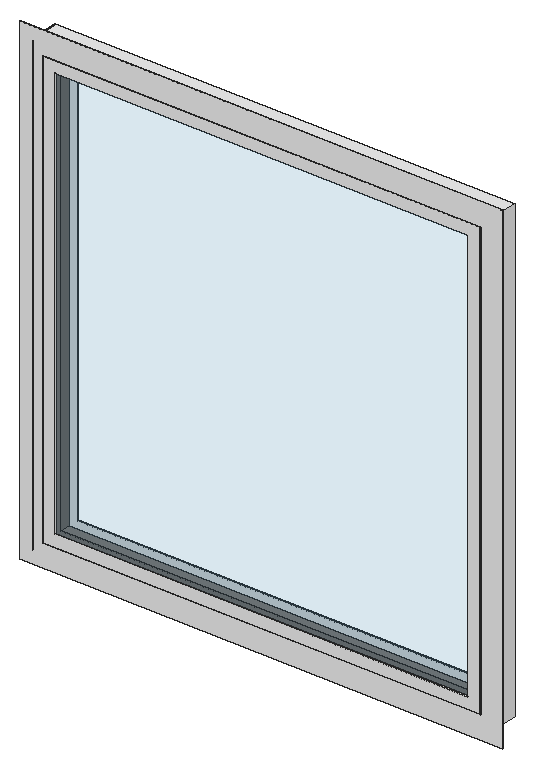
Revit family "Casement_38_D_Top_Hung_Standard", category Windows, host Wall, Revit 2014
Parameters (values of type "Casement_Sash_DG")
  Width Sash [instance] = 30 mm
  Width Sash Inner = 15 mm
  Width Bead = 15 mm
  Top Hung [instance] = yes
  Side Hung Right [instance] = yes
  Side Hung Left [instance] = yes
  Sash Opening Width [instance] = 600 mm
  Sash Opening Height [instance] = 600.312 mm
  Sash Lip = 15 mm
  Glazing Material [instance] = Glass
  DG Start Piece 2 [instance] = DG End Piece 1 + DG Gasket Thickness  # 25 mm
  DG Start Peice 1 [instance] = (Depth Sash - (2 * DG Glazing Thickness) - DG Gasket Thickness) / 2  # 6.6 mm
  Glazing Offset = 5 mm
  DG Glazing Thickness [instance] = 6.4 mm
  DG Gasket Thickness = 12 mm  # constant formula
  DG Gasket Material [instance] = Double Glazing Gasket Material
  DG End Piece 2 [instance] = DG Start Piece 2 + DG Glazing Thickness  # 31.4 mm
  DG End Piece 1 [instance] = DG Start Peice 1 + DG Glazing Thickness  # 13 mm
  Depth Sash [instance] = 38 mm
  Center Vertical Sash [instance] = Sash Opening Height / 2  # 300.156 mm
  Center Horizontal Sash [instance] = Sash Opening Width / 2  # 300 mm
  Bottom Hung [instance] = yes
  Bead Offset = 15 mm
  Aluminium Thickness = 1 mm
  Aluminium Material [instance] = White Powder Coated Aluminium
Reference planes
  plane 1 "Center (Front/Back)": y = 0
  plane 2: z = 0
  plane 3 "Center (Left/Right)": x = 0
Forms (mm)
  Sweep 1, solid, material "White Powder Coated Aluminium" <- "Aluminium Material"
    path origin (16.177, 0, 121.331) x (1, 0, 0) y (0, 0, 1)
      loop
        line (0, 0) -> (600, 0) -> (600, 600.312) -> (0, 600.312) -> (0, 0)
    profile origin (316.177, 0, 121.331) x (0, 0, 1) y (0, -1, 0)
      loop
        line (0, 0) -> (30, 0) -> (30, 1) -> (15, 1) -> (15, 38) -> (-15, 38) -> (-15, 37) -> (0, 37) -> (0, 0)
      loop
        line (14, 1) -> (14, 37) -> (1, 37) -> (1, 1) -> (14, 1)
  Sweep 2, solid, material "White Powder Coated Aluminium" <- "Aluminium Material"
    path origin (0, 0, 0) x (1, 0, 0) y (0, 0, 1)
      loop
        line (31.177, 706.643) -> (31.177, 136.331) -> (601.177, 136.331) -> (601.177, 706.643) -> (31.177, 706.643)
    profile origin (316.177, 0, 706.643) x (0, 0, 1) y (0, -1, 0)
      loop
        line (0, 37) -> (0, 38) -> (-15, 38) -> (-15, 37) -> (0, 37)
  Extrusion 3, solid, material "Glass" <- "Glazing Material"
    sketch origin (0, 0, 0) x (1, 0, 0) y (0, 0, 1)
      loop
        line (36.177, 701.643) -> (36.177, 141.331) -> (596.177, 141.331) -> (596.177, 701.643) -> (36.177, 701.643)
    from 6.6 <- "DG Start Peice 1" to 13 <- "DG End Piece 1"
  Extrusion 4, solid, material "Glass" <- "Glazing Material"
    sketch origin (0, 0, 0) x (1, 0, 0) y (0, 0, 1)
      loop
        line (36.177, 701.643) -> (36.177, 141.331) -> (596.177, 141.331) -> (596.177, 701.643) -> (36.177, 701.643)
    from 31.4 <- "DG End Piece 2" to 25 <- "DG Start Piece 2"
  Sweep 5, solid, material "Double Glazing Gasket Material" <- "DG Gasket Material"
    path origin (0, -13, 0) x (1, 0, 0) y (0, 0, 1)
      loop
        line (36.177, 701.643) -> (36.177, 141.331) -> (596.177, 141.331) -> (596.177, 701.643) -> (36.177, 701.643)
    profile origin (316.177, -13, 701.643) x (0, 0, 1) y (0, -1, 0)
      loop
        line (0, 0) -> (0, 12) -> (-7.96, 12) -> (-7.96, 0) -> (0, 0)
Lines and regions (mm)
  model lines
    curve 1: line (1.177, -38, 736.643) -> (31.177, -38, 706.643)
    curve 2: line (601.177, -38, 706.643) -> (631.177, -38, 736.643)
    curve 3: line (601.177, -38, 136.331) -> (631.177, -38, 106.331)
    curve 4: line (1.177, -38, 106.331) -> (31.177, -38, 136.331)
    curve 5: line (631.177, -37, 736.643) -> (616.177, -37, 721.643)
    curve 6: line (1.177, -37, 736.643) -> (16.177, -37, 721.643)
    curve 7: line (1.177, -37, 106.331) -> (16.177, -37, 121.331)
    curve 8: line (631.177, -37, 106.331) -> (616.177, -37, 121.331)
    curve 9: line (616.177, 0, 121.331) -> (586.177, 0, 151.331)
    curve 10: line (46.177, 0, 151.331) -> (16.177, 0, 121.331)
    curve 11: line (616.177, 0, 721.643) -> (586.177, 0, 691.643)
    curve 12: line (46.177, 0, 691.643) -> (16.177, 0, 721.643)
    curve 13: line (31.177, -38, 691.643) -> (46.177, -38, 691.643)
    curve 14: line (586.177, -38, 691.643) -> (601.177, -38, 691.643)
    curve 15: line (586.177, -38, 151.331) -> (601.177, -38, 151.331)
    curve 16: line (31.177, -38, 151.331) -> (46.177, -38, 151.331)
  model lines, style "GenericModelHiddenLines", visible <- "Top Hung"
    curve 17: line (46.386, -31.4, 690.914) -> (316.177, -31.4, 151.331)
    curve 18: line (316.177, -31.4, 151.331) -> (586.177, -31.4, 691.331)
  model lines, style "GenericModelHiddenLines", visible <- "Bottom Hung"
    curve 19: line (46.177, -31.4, 151.331) -> (316.177, -31.4, 691.331)
    curve 20: line (316.177, -31.4, 691.331) -> (586.177, -31.4, 151.331)
  model lines, style "GenericModelHiddenLines", visible <- "Side Hung Left"
    curve 21: line (46.386, -31.4, 690.914) -> (585.24, -31.4, 421.487)
    curve 22: line (585.24, -31.4, 421.487) -> (46.177, -31.4, 151.331)
  model lines, style "GenericModelHiddenLines", visible <- "Side Hung Right"
    curve 23: line (586.177, -31.4, 691.331) -> (46.177, -31.4, 421.487)
    curve 24: line (46.177, -31.4, 421.487) -> (586.177, -31.4, 151.331)
Dimensions and locks
  "Aluminium Thickness": Sweep 1 sketch curve to Sweep 1 sketch curve  (x4)
  "Depth Sash": Sweep 1 sketch curve to Sweep 1 sketch curve
  "Sash Opening Width": Sweep 1 to Sweep 1
  "Sash Opening Height": Sweep 1 to Sweep 1
  "Width Sash": Sweep 1 sketch curve to Sweep 1 sketch curve  (x2)
  "Width Sash Inner": Sweep 1 sketch curve to Sweep 1 sketch curve
  "Sash Lip": Sweep 1 sketch curve to Sweep 1 sketch curve
  "Aluminium Thickness": Sweep 1 to Sweep 2 sketch curve
  "Glazing Offset": Sweep 2 to Extrusion 3 sketch curve  (x3)
  "Glazing Offset": Extrusion 3 sketch curve to Sweep 2
  Sweep 1 to Sweep 1 = 1 mm
  "Aluminium Thickness": Sweep 2 sketch curve to Sweep 2 sketch curve
  "Width Bead": Sweep 2 sketch curve to Sweep 2 sketch curve
  locked: Sweep 5 sketch curve to Sweep 5 sketch curve at 7.96
  "Center Horizontal Sash": Sweep 1 to curve 18
  "Center Horizontal Sash": Sweep 1 to curve 20
  "Center Vertical Sash": Sweep 1 to curve 22
  "Center Vertical Sash": Sweep 1 to curve 24
  aligned and locked: level to plane 2
  aligned and locked: Sweep 1 sketch curve to Sweep 1 sketch curve  (x2)
  aligned and locked: Sweep 2 sketch curve to Sweep 1  (x5)
  aligned and locked: Extrusion 4 sketch curve to Extrusion 3  (x4)
  aligned and locked: Sweep 5 sketch curve to Extrusion 3  (x5)
  aligned and locked: Extrusion 3 to Sweep 5 sketch curve
Automatic sketch dimensions
  plane 3 "Center (Left/Right)" to Sweep 1 sketch curve = 16.177 mm
  level to Sweep 1 sketch curve = 121.331 mm
  plane 3 "Center (Left/Right)" to Sweep 1 sketch curve = 616.177 mm
  level to Sweep 1 sketch curve = 721.643 mm
  profile plane to Sweep 5 sketch curve = 12 mm
  curve 7 to Sweep 1 = 0 mm  (x4)
  curve 6 to Sweep 1 = 0 mm  (x3)
  Sweep 1 to curve 6 = 0 mm
  curve 5 to Sweep 1 = 0 mm  (x3)
  curve 8 to Sweep 1 = 0 mm  (x4)
  Sweep 1 to curve 5 = 0 mm
  curve 16 to Sweep 2 = 0 mm  (x3)
  curve 13 to Sweep 2 = 0 mm  (x3)
  curve 15 to Sweep 2 = 0 mm
  Sweep 2 to curve 15 = 0 mm  (x2)
  curve 14 to Sweep 2 = 0 mm  (x2)
  Sweep 2 to curve 14 = 0 mm
  curve 1 to Sweep 1 = 0 mm  (x4)
  curve 4 to Sweep 1 = 0 mm  (x3)
  Sweep 1 to curve 4 = 0 mm
  curve 3 to Sweep 1 = 0 mm  (x3)
  curve 2 to Sweep 1 = 0 mm  (x4)
  Sweep 1 to curve 3 = 0 mm
  curve 10 to Sweep 1 = 0 mm  (x4)
  curve 12 to Sweep 1 = 0 mm  (x3)
  Sweep 1 to curve 12 = 0 mm
  curve 9 to Sweep 1 = 0 mm  (x4)
  curve 11 to Sweep 1 = 0 mm  (x3)
  Sweep 1 to curve 11 = 0 mm
  Sweep 1 sketch curve to plane 1 "Center (Front/Back)" = 0 mm
  profile plane to Sweep 1 sketch curve = 0 mm
  curve 21 to Extrusion 4 = 10.208 mm
  curve 19 to Extrusion 4 = 10 mm
  curve 23 to Extrusion 4 = 10 mm  (x2)
  curve 22 to Extrusion 4 = 10.937 mm
  curve 20 to Extrusion 4 = 10 mm
  curve 24 to Extrusion 4 = 10 mm
  curve 22 to Extrusion 4 = 10 mm
  curve 18 to Extrusion 4 = 10 mm
  curve 21 to Extrusion 4 = 10.729 mm
  curve 19 to Extrusion 4 = 10.312 mm
  curve 18 to Extrusion 4 = 10.312 mm
Types in the file's own list only (12): name | Windload Design | Width Sash Opening | Width Sash | Width Profile | Width Panel 3 | Width Panel 1 | Width | URL | Offset Window Exterior | Max System DG Unit Thickness | Max System DG One Piece Thickness | Max Pane Area | Limit Fixed Pane Height Min | Limit Fixed Pane Height Max | Intruderprufe U Value | Intruderprufe SHGC Value | Intruderprufe LowE U Value | Intruderprufe LowE SHGC Value | Intruderprufe Insulated U Value | Intruderprufe Insulated SHGC Value | Intruderprufe Insulated LowE U Value | Intruderprufe Insulated LowE SHGC Value | Height | Energy Advantage U Value | Energy Advantage SHGC Value | DG Thickness Calc | Custom Window Width | Custom Window Height | Window Exterior Offset | Custom Windload | User Sash Width | Custom Sash Height | Sash Spacing Inner | Sash Overlap | Sash Center Offset | SG Gasket Thickness | Offset Sash Left | Offset Sash Top | Offset Panel 3 Bead Top | Offset Transom Top | Offset Bead SG Center Reversed | Model | Manufacturer | Limit Window Width Min | Limit Window Width Max | Limit Window Height Min | Limit Window Height Max | Limit Sash Width Min | Limit Sash Width Max | Limit Sash Height Min | Limit Sash Height Max | Length Transom | Height Sash Opening | Height Sash | Height Panel 3 | Height Panel 1 | Description | Frame Center Offset | Depth Bead | Default Sill Height | Wall Closure | DG Gasket Finish | DG Extrusion Start | Clearvue U Value | Clearvue SHGC Value | Clearvue Insulated U Value | Clearvue Insulated SHGC Value | Clearvue Insulated LowE U Value | Clearvue Insulated LowE SHGC Value | Casement Dimension | Bottom Hung | Bead SG Gap | Area Pane Top | Area Pane Bottom
  38-0609T-1000Pa | 1000 mm | 544 mm | 514 mm | 30 mm | 530 mm | 530 mm | 590 mm | "http://www.crealco.co.za/crealco-products.php" | 19 mm | 25 mm | 6 mm | 0.23 m² | 200 mm | 1800 mm | 6.16 | 0.519 | 4.87 | 0.451 | 4.32 | 0.434 | 3.91 | 0.397 | 890 mm | 5 | 0.48 | 4 mm | 590 mm | 890 mm | 0 mm | 1000 mm | 544 mm | 554 mm | 8 mm | 7 mm | 16 mm | 6 mm | 23 mm | 23 mm | 600 mm | 570 mm | 19 mm | "Casement 38" | "Crealco" | 346 mm | 1546 mm | 830 mm | 2430 mm | 300 mm | 1500 mm | 300 mm | 1200 mm | 530 mm | 554 mm | 524 mm | 260 mm | 540 mm | "Window 38mm, Type D top hung" | 19 mm | 24 mm | 800 mm | By host | Double Glazing Gasket Material | 9 mm | 6.22 | 0.534 | 4.42 | 0.466 | 4 | 0.425 | 38 mm | No | 13 mm | 0.23 m² | 0.13 m²
  38-0609T-1500Pa | 1500 mm | 544 mm | 514 mm | 30 mm | 530 mm | 530 mm | 590 mm |  | 19 mm | 25 mm | 6 mm | 0.23 m² | 200 mm | 1800 mm | 6.16 | 0.519 | 4.87 | 0.451 | 4.32 | 0.434 | 3.91 | 0.397 | 890 mm | 5 | 0.48 | 4 mm | 590 mm | 890 mm | 0 mm | 1500 mm | 544 mm | 554 mm | 8 mm | 7 mm | 16 mm | 6 mm | 23 mm | 23 mm | 600 mm | 570 mm | 19 mm | "Casement 38" | "Crealco" | 346 mm | 1546 mm | 830 mm | 2430 mm | 300 mm | 1500 mm | 300 mm | 1200 mm | 530 mm | 554 mm | 524 mm | 260 mm | 540 mm | "Window 38mm, Type D top hung" | 19 mm | 24 mm | 800 mm | By host | Double Glazing Gasket Material | 9 mm | 6.22 | 0.534 | 4.42 | 0.466 | 4 | 0.425 | 38 mm | No | 13 mm | 0.23 m² | 0.13 m²
  38-0609T-2000Pa | 2000 mm | 544 mm | 514 mm | 30 mm | 530 mm | 530 mm | 590 mm | "http://www.crealco.co.za/crealco-products.php" | 19 mm | 25 mm | 6 mm | 0.23 m² | 200 mm | 1800 mm | 6.16 | 0.519 | 4.87 | 0.451 | 4.32 | 0.434 | 3.91 | 0.397 | 890 mm | 5 | 0.48 | 4 mm | 590 mm | 890 mm | 0 mm | 2000 mm | 544 mm | 554 mm | 8 mm | 7 mm | 16 mm | 6 mm | 23 mm | 23 mm | 600 mm | 570 mm | 19 mm | "Casement 38" | "Crealco" | 346 mm | 1546 mm | 830 mm | 2430 mm | 300 mm | 1500 mm | 300 mm | 1200 mm | 530 mm | 554 mm | 524 mm | 260 mm | 540 mm | "Window 38mm, Type D top hung" | 19 mm | 24 mm | 800 mm | By host | Double Glazing Gasket Material | 9 mm | 6.22 | 0.534 | 4.42 | 0.466 | 4 | 0.425 | 38 mm | No | 13 mm | 0.23 m² | 0.13 m²
  38-0909T-1000Pa | 1000 mm | 844 mm | 814 mm | 30 mm | 830 mm | 830 mm | 890 mm | "http://www.crealco.co.za/crealco-products.php" | 19 mm | 25 mm | 6 mm | 0.37 m² | 200 mm | 1800 mm | 6.12 | 0.562 | 4.7 | 0.487 | 4.11 | 0.469 | 3.65 | 0.429 | 890 mm | 4.82 | 0.519 | 4 mm | 890 mm | 890 mm | 0 mm | 1000 mm | 844 mm | 554 mm | 8 mm | 7 mm | 16 mm | 6 mm | 23 mm | 23 mm | 600 mm | 570 mm | 19 mm | "Casement 38" | "Crealco" | 346 mm | 1546 mm | 830 mm | 2430 mm | 300 mm | 1500 mm | 300 mm | 1200 mm | 830 mm | 554 mm | 524 mm | 260 mm | 540 mm | "Window 38mm, Type D top hung" | 19 mm | 24 mm | 800 mm | By host | Double Glazing Gasket Material | 9 mm | 6.18 | 0.579 | 4.2 | 0.505 | 3.73 | 0.461 | 38 mm | No | 13 mm | 0.37 m² | 0.21 m²
  38-0909T-1500Pa | 1500 mm | 844 mm | 814 mm | 30 mm | 830 mm | 830 mm | 890 mm | "http://www.crealco.co.za/crealco-products.php" | 19 mm | 25 mm | 6 mm | 0.37 m² | 200 mm | 1800 mm | 6.12 | 0.562 | 4.7 | 0.487 | 4.11 | 0.469 | 3.65 | 0.429 | 890 mm | 4.82 | 0.519 | 4 mm | 890 mm | 890 mm | 0 mm | 1500 mm | 844 mm | 554 mm | 8 mm | 7 mm | 16 mm | 6 mm | 23 mm | 23 mm | 600 mm | 570 mm | 19 mm | "Casement 38" | "Crealco" | 346 mm | 1546 mm | 830 mm | 2430 mm | 300 mm | 1500 mm | 300 mm | 1200 mm | 830 mm | 554 mm | 524 mm | 260 mm | 540 mm | "Window 38mm, Type D top hung" | 19 mm | 24 mm | 800 mm | By host | Double Glazing Gasket Material | 9 mm | 6.18 | 0.579 | 4.2 | 0.505 | 3.73 | 0.461 | 38 mm | No | 13 mm | 0.37 m² | 0.21 m²
  38-0909T-2000Pa | 2000 mm | 844 mm | 814 mm | 30 mm | 830 mm | 830 mm | 890 mm | "http://www.crealco.co.za/crealco-products.php" | 19 mm | 25 mm | 6 mm | 0.37 m² | 200 mm | 1800 mm | 6.12 | 0.562 | 4.7 | 0.487 | 4.11 | 0.469 | 3.65 | 0.429 | 890 mm | 4.82 | 0.519 | 4 mm | 890 mm | 890 mm | 0 mm | 2000 mm | 844 mm | 554 mm | 8 mm | 7 mm | 16 mm | 6 mm | 23 mm | 23 mm | 600 mm | 570 mm | 19 mm | "Casement 38" | "Crealco" | 346 mm | 1546 mm | 830 mm | 2430 mm | 300 mm | 1500 mm | 300 mm | 1200 mm | 830 mm | 554 mm | 524 mm | 260 mm | 540 mm | "Window 38mm, Type D top hung" | 19 mm | 24 mm | 800 mm | By host | Double Glazing Gasket Material | 9 mm | 6.18 | 0.579 | 4.2 | 0.505 | 3.73 | 0.461 | 38 mm | No | 13 mm | 0.37 m² | 0.21 m²
  38-0612T-1000Pa | 1000 mm | 544 mm | 514 mm | 30 mm | 530 mm | 530 mm | 590 mm | "http://www.crealco.co.za/crealco-products.php" | 19 mm | 25 mm | 6 mm | 0.29 m² | 200 mm | 1800 mm | 6.09 | 0.56 | 4.68 | 0.489 | 4.08 | 0.472 | 3.61 | 0.431 | 1190 mm | 4.8 | 0.521 | 4 mm | 590 mm | 1190 mm | 0 mm | 1000 mm | 544 mm | 554 mm | 8 mm | 7 mm | 16 mm | 6 mm | 23 mm | 23 mm | 600 mm | 570 mm | 19 mm | "Casement 38" | "Crealco" | 346 mm | 1546 mm | 830 mm | 2430 mm | 300 mm | 1500 mm | 300 mm | 1200 mm | 530 mm | 554 mm | 524 mm | 560 mm | 540 mm | "Window 38mm, Type D top hung" | 19 mm | 24 mm | 800 mm | By host | Double Glazing Gasket Material | 9 mm | 6.17 | 0.581 | 4.17 | 0.508 | 3.7 | 0.463 | 38 mm | No | 13 mm | 0.23 m² | 0.29 m²
  38-0612T-1500Pa | 1500 mm | 544 mm | 514 mm | 30 mm | 530 mm | 530 mm | 590 mm | "http://www.crealco.co.za/crealco-products.php" | 19 mm | 25 mm | 6 mm | 0.29 m² | 200 mm | 1800 mm | 6.09 | 0.56 | 4.68 | 0.489 | 4.08 | 0.472 | 3.61 | 0.431 | 1190 mm | 4.8 | 0.521 | 4 mm | 590 mm | 1190 mm | 0 mm | 1500 mm | 544 mm | 554 mm | 8 mm | 7 mm | 16 mm | 6 mm | 23 mm | 23 mm | 600 mm | 570 mm | 19 mm | "Casement 38" | "Crealco" | 346 mm | 1546 mm | 830 mm | 2430 mm | 300 mm | 1500 mm | 300 mm | 1200 mm | 530 mm | 554 mm | 524 mm | 560 mm | 540 mm | "Window 38mm, Type D top hung" | 19 mm | 24 mm | 800 mm | By host | Double Glazing Gasket Material | 9 mm | 6.17 | 0.581 | 4.17 | 0.508 | 3.7 | 0.463 | 38 mm | No | 13 mm | 0.23 m² | 0.29 m²
  38-0612T-2000Pa | 2000 mm | 544 mm | 514 mm | 30 mm | 530 mm | 530 mm | 590 mm | "http://www.crealco.co.za/crealco-products.php" | 19 mm | 25 mm | 6 mm | 0.29 m² | 200 mm | 1800 mm | 6.09 | 0.56 | 4.68 | 0.489 | 4.08 | 0.472 | 3.61 | 0.431 | 1190 mm | 4.8 | 0.521 | 4 mm | 590 mm | 1190 mm | 0 mm | 2000 mm | 544 mm | 554 mm | 8 mm | 7 mm | 16 mm | 6 mm | 23 mm | 23 mm | 600 mm | 570 mm | 19 mm | "Casement 38" | "Crealco" | 346 mm | 1546 mm | 830 mm | 2430 mm | 300 mm | 1500 mm | 300 mm | 1200 mm | 530 mm | 554 mm | 524 mm | 560 mm | 540 mm | "Window 38mm, Type D top hung" | 19 mm | 24 mm | 800 mm | By host | Double Glazing Gasket Material | 9 mm | 6.17 | 0.581 | 4.17 | 0.508 | 3.7 | 0.463 | 38 mm | No | 13 mm | 0.23 m² | 0.29 m²
  38-0912T-1000Pa | 1000 mm | 844 mm | 814 mm | 30 mm | 830 mm | 830 mm | 890 mm | "http://www.crealco.co.za/crealco-products.php" | 19 mm | 25 mm | 6 mm | 0.45 m² | 200 mm | 1800 mm | 6.05 | 0.602 | 4.51 | 0.525 | 3.86 | 0.507 | 3.35 | 0.462 | 1190 mm | 4.63 | 0.56 | 4 mm | 890 mm | 1190 mm | 0 mm | 1000 mm | 844 mm | 554 mm | 8 mm | 7 mm | 16 mm | 6 mm | 23 mm | 23 mm | 600 mm | 570 mm | 19 mm | "Casement 38" | "Crealco" | 346 mm | 1546 mm | 830 mm | 2430 mm | 300 mm | 1500 mm | 300 mm | 1200 mm | 830 mm | 554 mm | 524 mm | 560 mm | 540 mm | "Window 38mm, Type D top hung" | 19 mm | 24 mm | 800 mm | By host | Double Glazing Gasket Material | 9 mm | 6.12 | 0.626 | 3.95 | 0.547 | 3.42 | 0.498 | 38 mm | No | 13 mm | 0.37 m² | 0.45 m²
  38-0912T-1500Pa | 1500 mm | 844 mm | 814 mm | 30 mm | 830 mm | 830 mm | 890 mm | "http://www.crealco.co.za/crealco-products.php" | 19 mm | 25 mm | 6 mm | 0.45 m² | 200 mm | 1800 mm | 6.05 | 0.602 | 4.51 | 0.525 | 3.86 | 0.507 | 3.35 | 0.462 | 1190 mm | 4.63 | 0.56 | 4 mm | 890 mm | 1190 mm | 0 mm | 1500 mm | 844 mm | 554 mm | 8 mm | 7 mm | 16 mm | 6 mm | 23 mm | 23 mm | 600 mm | 570 mm | 19 mm | "Casement 38" | "Crealco" | 346 mm | 1546 mm | 830 mm | 2430 mm | 300 mm | 1500 mm | 300 mm | 1200 mm | 830 mm | 554 mm | 524 mm | 560 mm | 540 mm | "Window 38mm, Type D top hung" | 19 mm | 24 mm | 800 mm | By host | Double Glazing Gasket Material | 9 mm | 6.12 | 0.626 | 3.95 | 0.547 | 3.42 | 0.498 | 38 mm | No | 13 mm | 0.37 m² | 0.45 m²
  38-0912T-2000Pa | 2000 mm | 844 mm | 814 mm | 30 mm | 830 mm | 830 mm | 890 mm | "http://www.crealco.co.za/crealco-products.php" | 19 mm | 25 mm | 6 mm | 0.45 m² | 200 mm | 1800 mm | 6.05 | 0.602 | 4.51 | 0.525 | 3.86 | 0.507 | 3.35 | 0.462 | 1190 mm | 4.63 | 0.56 | 4 mm | 890 mm | 1190 mm | 0 mm | 2000 mm | 844 mm | 554 mm | 8 mm | 7 mm | 16 mm | 6 mm | 23 mm | 23 mm | 600 mm | 570 mm | 19 mm | "Casement 38" | "Crealco" | 346 mm | 1546 mm | 830 mm | 2430 mm | 300 mm | 1500 mm | 300 mm | 1200 mm | 830 mm | 554 mm | 524 mm | 560 mm | 540 mm | "Window 38mm, Type D top hung" | 19 mm | 24 mm | 800 mm | By host | Double Glazing Gasket Material | 9 mm | 6.12 | 0.626 | 3.95 | 0.547 | 3.42 | 0.498 | 38 mm | No | 13 mm | 0.37 m² | 0.45 m²
